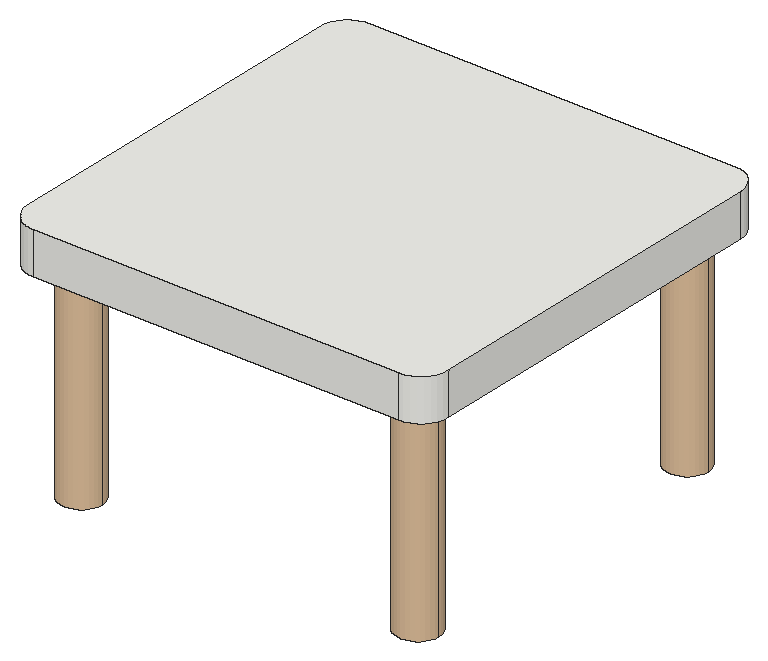
Revit family "rac_basic_sample_family", category Furniture, Revit 2020
Family settings
  OmniClass Number = 23.40.20.14.17
  OmniClass Title = Residential Tables and Cabinets
  Work Plane-Based = No
  Always vertical = Yes
  Cut with Voids When Loaded = No
  Shared = Yes
  Room Calculation Point = No
Parameters (values of type "0762 x 0762mm")
  Default Elevation = 0.00 mm
  Base Material = Wood - Birch
  Height = 457.00 mm
  Length = 762.00 mm
  Top Material = Laminate - Ivory, Matte
  Width = 762.00 mm
Types (4, lengths in mm): name | Height | Length | Width
  (no name) | 457.00 | 762.00 | 762.00
  0610 x 0160mm | 762.00 | 610.00 | 610.00
  0762 x 0762mm | 457.00 | 762.00 | 762.00
  0610 x 0915mm | 762.00 | 610.00 | 915.00
Reference planes
  plane 1: y = 152.4
  plane 2: z = 0
  plane 3 "Left": x = 3.734
  plane 4 "Right": x = 765.734
  plane 5 "Back": y = 533.4
  plane 6 "Front": y = -228.6
  plane 7: x = 384.734
Forms (mm)
  Extrusion 1, solid, material "Laminate - Ivory, Matte" <- "Top Material"
    sketch origin (0, 0, 0) x (1, 0, 0) y (0, 1, 0)
      loop
        line (54.534, -228.6) -> (714.934, -228.6)
        arc (714.934, -228.6) -> (750.855, -213.721) -> (765.734, -177.8) r 50.8
        line (765.734, -177.8) -> (765.734, 482.6)
        arc (765.734, 482.6) -> (750.855, 518.521) -> (714.934, 533.4) r 50.8
        line (714.934, 533.4) -> (54.534, 533.4)
        arc (54.534, 533.4) -> (18.613, 518.521) -> (3.734, 482.6) r 50.8
        line (3.734, 482.6) -> (3.734, -177.8)
        arc (3.734, -177.8) -> (18.613, -213.721) -> (54.534, -228.6) r 50.8
    from 380.8 to 457
  Extrusion 2, solid, material "Wood - Birch" <- "Base Material"
    sketch origin (0, 0, 0) x (1, 0, 0) y (0, 1, 0)
      loop
        circle (79.934, 457.2) r 38.1
      loop
        circle (79.934, -152.4) r 38.1
      loop
        circle (689.534, -152.4) r 38.1
      loop
        circle (689.534, 457.2) r 38.1
    from 0 to 380.8
Lines and regions (mm)
  Masking region 1
    outline origin (0, 0, 0) x (1, 0, 0) y (0, 1, 0)
      loop
        arc (54.534, 533.4) -> (18.613, 518.521) -> (3.734, 482.6) r 50.8
        line (3.734, 482.6) -> (3.734, -177.8)
        arc (3.734, -177.8) -> (18.613, -213.721) -> (54.534, -228.6) r 50.8
        line (54.534, -228.6) -> (714.934, -228.6)
        arc (714.934, -228.6) -> (750.855, -213.721) -> (765.734, -177.8) r 50.8
        line (765.734, -177.8) -> (765.734, 482.6)
        arc (765.734, 482.6) -> (750.855, 518.521) -> (714.934, 533.4) r 50.8
        line (714.934, 533.4) -> (54.534, 533.4)
Dimensions and locks
  locked: Extrusion 1 to Extrusion 1 at 76.2
  "Height": Extrusion 1 to plane 2
  locked: Extrusion 1 to Extrusion 2 sketch curve at 76.2  (x8)
  "Width": plane 5 "Back" to plane 6 "Front"
  "Length": plane 3 "Left" to plane 4 "Right"
  equal spacing: plane 5 "Back", plane 1, plane 6 "Front"
  equal spacing: plane 3 "Left", plane 7, plane 4 "Right"
  radius of Extrusion 1 sketch curve = 50.80 mm  (x4)
  aligned and locked: plane 2 to level
  aligned and locked: plane 6 "Front" to Extrusion 1 sketch curve
  aligned and locked: Extrusion 2 to Extrusion 1
  aligned and locked: Masking region 1 sketch curve to plane 5 "Back"
  aligned and locked: plane 3 "Left" to Masking region 1 sketch curve
  aligned and locked: plane 4 "Right" to Masking region 1 sketch curve
  aligned and locked: Masking region 1 sketch curve to plane 6 "Front"
  aligned: Masking region 1 sketch curve to Extrusion 1
Automatic sketch dimensions
  Extrusion 2 sketch curve to Extrusion 2 sketch curve = 38.10 mm  (x4)
  Extrusion 1 sketch curve to plane 3 "Left" = 0.00 mm
  Extrusion 1 sketch curve to plane 4 "Right" = 0.00 mm
  Extrusion 1 sketch curve to plane 5 "Back" = 0.00 mm
  plane 3 "Left" to Masking region 1 sketch curve = 50.80 mm  (x2)
  plane 4 "Right" to Masking region 1 sketch curve = 50.80 mm  (x2)
